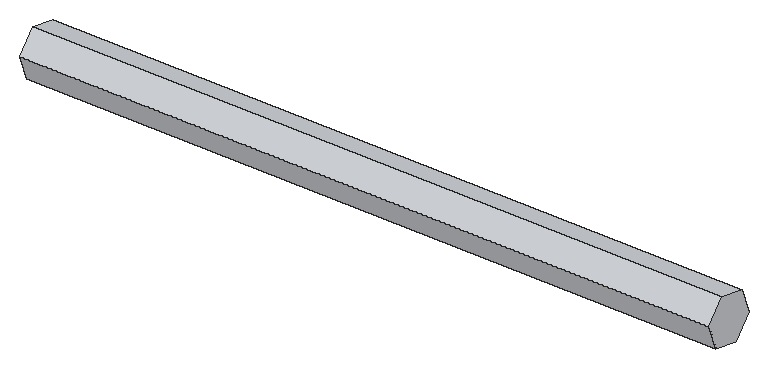
Revit family "FaceFamily3", category Generic Models, Revit 2018
Family settings
  Can host rebar = No
  Round Connector Dimension = Use Diameter
  Part Type = Normal
  Cut with Voids When Loaded = No
  Shared = No
  Room Calculation Point = No
Parameters
  built-in parameter 1001306 [instance] = 4' - 0"
Reference planes (in)
  plane 1 "Center (Front/Back)": y = 0
  plane 2: z = 0
  plane 3 "Left": x = 0
  plane 4 "Right": x = 48
Forms (in)
  Sweep 1, solid
    path in 3D
      loop
        line (0, 0, 0) -> (48, 0, 0)
    profile origin (24, 0, 0) x (0, 1, 0) y (0, 0, 1)
      loop
        line (1.72341, -0.30388) -> (1.12488, 1.34058) -> (-0.59854, 1.64446) -> (-1.72341, 0.30388) -> (-1.12488, -1.34058) -> (0.59854, -1.64446) -> (1.72341, -0.30388)
Lines and regions (in)
  reference lines
    curve 1: line (0, 0, 0) -> (48, 0, 0)
  sketch lines
    curve 2: line (0, 0, 0) -> (48, 0, 0)
Dimensions and locks (in)
  "built-in parameter 1001306": plane 3 "Left" to plane 4 "Right"
  aligned and locked: plane 4 "Right" to curve 1
  aligned and locked: plane 1 "Center (Front/Back)" to curve 1
  aligned and locked: plane 3 "Left" to curve 1
  aligned and locked: level to plane 2
